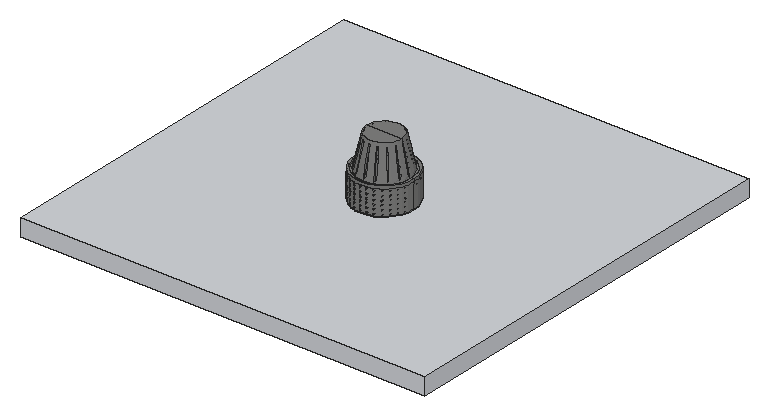
Revit family
Parameters (values of type "8"")
  URL = "WWW.MIFAB.COM"
  Top Diameter = 14.125"
  Roof Drain = Roof Drain
  R1 = 5.000"
  Pipe Radius = 4.000"
  Pipe Diameter = Pipe Radius * 2  # 8.000"
  Model = "R1200-JC"
  Manufacturer = "MIFAB"
  H3 = Body Height / 3.375  # 2.37037"
  H2 = Body Height / 1.99  # 4.0201"
  H1 = Body Height / 1.53  # 5.22876"
  Description = "LARGE SUMP ROOF DRAIN WITH S.S. BALLAST GUARD FOR I.R.MA. ROOFS"
  Default Elevation = 48.000"
  Body Height = 8.000"
Types (7): name | Pipe Radius | Pipe Diameter | H3 | H2 | H1 | Body Height
  (no name) | 4.000" | 8.000" | 2.37037" | 4.0201" | 5.22876" | 8.000"
  4" | 2.000" | 4.000" | 1.81481" | 3.07789" | 4.00327" | 6.125"
  2" | 1.000" | 2.000" | 1.81481" | 3.07789" | 4.00327" | 6.125"
  3" | 1.500" | 3.000" | 1.81481" | 3.07789" | 4.00327" | 6.125"
  5" | 2.500" | 5.000" | 1.81481" | 3.07789" | 4.00327" | 6.125"
  6" | 3.000" | 6.000" | 2.37037" | 4.0201" | 5.22876" | 8.000"
  8" | 4.000" | 8.000" | 2.37037" | 4.0201" | 5.22876" | 8.000"
Reference planes (in)
  plane 1 "Center (Front/Back)": y = 0
  plane 2: z = 0
  plane 3 "Center (Left/Right)": x = 0
  plane 4: x = 4.2
  plane 5: x = 4.25
  plane 6: x = 4.5
  plane 7: x = 5
  plane 8: x = 7.0625
  plane 9: x = 4
  plane 10: z = -8
  plane 11: z = -5.22876
  plane 12: z = -4.0201
  plane 13: z = -0.2
  plane 14: z = 0.2085
  plane 15: z = -2.37037
  plane 16: x = 6
  plane 17: x = -0.25
  plane 18: x = 0.25
  plane 19: z = 0.7085
  plane 20: x = -7.0625
  plane 21: x = 4.2
  plane 22: z = 13.4165
  plane 23: z = 6.6875
  plane 24: x = -4.2
  plane 25: z = 6.125
  plane 26: z = 6.125
  plane 27: z = 14.125
Forms (in)
  Extrusion 1, solid
    sketch origin (0, 0, 0) x (1, 0, 0) y (0, 1, 0)
      loop
        line (-48, 48) -> (-48, -48) -> (48, -48) -> (48, 48) -> (-48, 48)
    from 0 to -4
  Revolve 2, solid, material "Roof Drain" <- "Roof Drain"
    sketch origin (0, 0, 0) x (1, 0, 0) y (0, 0, 1)
      loop
        line (4.2, -8) -> (4.2, -5.22876) -> (4.25, -5.22876) -> (4.5, -0.2) -> (5, -0.2) -> (5, 0) -> (7.0625, 0) -> (7.0625, 0.2085) -> (3.9921, 0.2085) -> (3.9921, 0) -> (4.29725, 0) -> (4.04725, -5.02876) -> (4, -5.02876) -> (4, -8) -> (4.2, -8)
      axis (0, 0.2085) -> (0, -8)
    angle from 0 to 360
  Revolve 3, solid, material "Roof Drain" <- "Roof Drain"
    sketch origin (0, 0, 16.5) x (1, 0, 0) y (0, 0, 1)
      loop
        line (0, -2.375) -> (0, -2.575) -> (3.99277, -2.575) -> (5.83517, -10.55003) -> (6.8625, -10.55003) -> (6.8625, -16.2915) -> (7.0625, -16.2915) -> (7.0625, -10.55003) -> (7.0625, -9.87174) -> (6.54252, -9.87174) -> (6.54252, -10.13424) -> (6.8625, -10.13424) -> (6.8625, -10.375) -> (6.5, -10.375) -> (6.5, -10.1875) -> (5.95668, -10.1875) -> (4.15183, -2.375) -> (0, -2.375)
      axis (0, -16.2915) -> (0, -2.375)
    angle from 0 to 360
  Extrusion 4, void
    sketch origin (0, 0, 16.5) x (1, 0, 0) y (0, 0, 1)
      loop
        line (-0.25, -3.0835) -> (-0.25, -9.8125) -> (0.25, -9.8125) -> (0.25, -3.0835) -> (-0.25, -3.0835)
    from -6.43838 to 6.34689
  Extrusion 5, void
    sketch origin (0, 0, 16.5) x (0.92388, -0.382683, 0) y (0, 0, 1)
      loop
        line (-0.25, -3.0835) -> (-0.25, -9.8125) -> (0.25, -9.8125) -> (0.25, -3.0835) -> (-0.25, -3.0835)
    from -6.43838 to 6.34689
  Extrusion 6, void
    sketch origin (0, 0, 16.5) x (0.92388, 0.382683, 0) y (0, 0, 1)
      loop
        line (-0.25, -3.0835) -> (-0.25, -9.8125) -> (0.25, -9.8125) -> (0.25, -3.0835) -> (-0.25, -3.0835)
    from -6.43838 to 6.34689
  Extrusion 7, void
    sketch origin (0, 0, 16.5) x (0.707107, 0.707107, 0) y (0, 0, 1)
      loop
        line (-0.25, -3.0835) -> (-0.25, -9.8125) -> (0.25, -9.8125) -> (0.25, -3.0835) -> (-0.25, -3.0835)
    from -6.43838 to 6.34689
  Extrusion 8, void
    sketch origin (0, 0, 16.5) x (0.382683, 0.92388, 0) y (0, 0, 1)
      loop
        line (-0.25, -3.0835) -> (-0.25, -9.8125) -> (0.25, -9.8125) -> (0.25, -3.0835) -> (-0.25, -3.0835)
    from -6.43838 to 6.34689
  Extrusion 9, void
    sketch origin (0, 0, 16.5) x (0, 1, 0) y (0, 0, 1)
      loop
        line (-0.25, -3.0835) -> (-0.25, -9.8125) -> (0.25, -9.8125) -> (0.25, -3.0835) -> (-0.25, -3.0835)
    from -6.43838 to 6.34689
  Extrusion 10, void
    sketch origin (0, 0, 16.5) x (-0.382683, 0.92388, 0) y (0, 0, 1)
      loop
        line (-0.25, -3.0835) -> (-0.25, -9.8125) -> (0.25, -9.8125) -> (0.25, -3.0835) -> (-0.25, -3.0835)
    from -6.43838 to 6.34689
  Extrusion 11, void
    sketch origin (0, 0, 16.5) x (-0.707107, 0.707107, 0) y (0, 0, 1)
      loop
        line (-0.25, -3.0835) -> (-0.25, -9.8125) -> (0.25, -9.8125) -> (0.25, -3.0835) -> (-0.25, -3.0835)
    from -6.43838 to 6.34689
  Extrusion 12, void
    sketch origin (0, 0.01165, 0) x (1, 0, 0) y (0, 0, 1)
      loop
        circle (0, 0.56652) r 0.25
      loop
        circle (0, 1.56652) r 0.25
      loop
        circle (0, 2.56652) r 0.25
      loop
        circle (0, 3.56652) r 0.25
      loop
        circle (0, 4.56652) r 0.25
      loop
        circle (0, 5.56652) r 0.25
    from -7.58569 to 7.65609
  Extrusion 13, void
    sketch origin (0.01906, 0.0076, 0) x (0.913545, -0.406737, 0) y (0, 0, 1)
      loop
        circle (0, 0.56652) r 0.25
      loop
        circle (0, 1.56652) r 0.25
      loop
        circle (0, 2.56652) r 0.25
      loop
        circle (0, 3.56652) r 0.25
      loop
        circle (0, 4.56652) r 0.25
      loop
        circle (0, 5.56652) r 0.25
    from -7.58569 to 7.65609
  Extrusion 14, void
    sketch origin (-0.01906, 0.0076, 0) x (0.913545, 0.406737, 0) y (0, 0, 1)
      loop
        circle (0, 0.56652) r 0.25
      loop
        circle (0, 1.56652) r 0.25
      loop
        circle (0, 2.56652) r 0.25
      loop
        circle (0, 3.56652) r 0.25
      loop
        circle (0, 4.56652) r 0.25
      loop
        circle (0, 5.56652) r 0.25
    from -7.58569 to 7.65609
  Extrusion 15, void
    sketch origin (-0.03482, -0.00385, 0) x (0.669131, 0.743145, 0) y (0, 0, 1)
      loop
        circle (0, 0.56652) r 0.25
      loop
        circle (0, 1.56652) r 0.25
      loop
        circle (0, 2.56652) r 0.25
      loop
        circle (0, 3.56652) r 0.25
      loop
        circle (0, 4.56652) r 0.25
      loop
        circle (0, 5.56652) r 0.25
    from -7.58569 to 7.65609
  Extrusion 16, void
    sketch origin (-0.04456, -0.02073, 0) x (0.309017, 0.951057, 0) y (0, 0, 1)
      loop
        circle (0, 0.56652) r 0.25
      loop
        circle (0, 1.56652) r 0.25
      loop
        circle (0, 2.56652) r 0.25
      loop
        circle (0, 3.56652) r 0.25
      loop
        circle (0, 4.56652) r 0.25
      loop
        circle (0, 5.56652) r 0.25
    from -7.58569 to 7.65609
  Extrusion 17, void
    sketch origin (-0.04659, -0.0401, 0) x (-0.104528, 0.994522, 0) y (0, 0, 1)
      loop
        circle (0, 0.56652) r 0.25
      loop
        circle (0, 1.56652) r 0.25
      loop
        circle (0, 2.56652) r 0.25
      loop
        circle (0, 3.56652) r 0.25
      loop
        circle (0, 4.56652) r 0.25
      loop
        circle (0, 5.56652) r 0.25
    from -7.58569 to 7.65609
  Extrusion 18, void
    sketch origin (-0.04057, -0.05863, 0) x (-0.5, 0.866025, 0) y (0, 0, 1)
      loop
        circle (0, 0.56652) r 0.25
      loop
        circle (0, 1.56652) r 0.25
      loop
        circle (0, 2.56652) r 0.25
      loop
        circle (0, 3.56652) r 0.25
      loop
        circle (0, 4.56652) r 0.25
      loop
        circle (0, 5.56652) r 0.25
    from -7.58569 to 7.65609
  Extrusion 19, void
    sketch origin (-0.02754, -0.07311, 0) x (-0.809017, 0.587785, 0) y (0, 0, 1)
      loop
        circle (0, 0.56652) r 0.25
      loop
        circle (0, 1.56652) r 0.25
      loop
        circle (0, 2.56652) r 0.25
      loop
        circle (0, 3.56652) r 0.25
      loop
        circle (0, 4.56652) r 0.25
      loop
        circle (0, 5.56652) r 0.25
    from -7.58569 to 7.65609
  Extrusion 20, void
    sketch origin (-0.00974, -0.08103, 0) x (-0.978148, 0.207912, 0) y (0, 0, 1)
      loop
        circle (0, 0.56652) r 0.25
      loop
        circle (0, 1.56652) r 0.25
      loop
        circle (0, 2.56652) r 0.25
      loop
        circle (0, 3.56652) r 0.25
      loop
        circle (0, 4.56652) r 0.25
      loop
        circle (0, 5.56652) r 0.25
    from -7.58569 to 7.65609
  Extrusion 21, void
    sketch origin (0.00974, -0.08103, 0) x (-0.978148, -0.207912, 0) y (0, 0, 1)
      loop
        circle (0, 0.56652) r 0.25
      loop
        circle (0, 1.56652) r 0.25
      loop
        circle (0, 2.56652) r 0.25
      loop
        circle (0, 3.56652) r 0.25
      loop
        circle (0, 4.56652) r 0.25
      loop
        circle (0, 5.56652) r 0.25
    from -7.58569 to 7.65609
  Extrusion 22, void
    sketch origin (0.02754, -0.07311, 0) x (-0.809017, -0.587785, 0) y (0, 0, 1)
      loop
        circle (0, 0.56652) r 0.25
      loop
        circle (0, 1.56652) r 0.25
      loop
        circle (0, 2.56652) r 0.25
      loop
        circle (0, 3.56652) r 0.25
      loop
        circle (0, 4.56652) r 0.25
      loop
        circle (0, 5.56652) r 0.25
    from -7.58569 to 7.65609
  Extrusion 23, void
    sketch origin (0.04057, -0.05863, 0) x (-0.5, -0.866025, 0) y (0, 0, 1)
      loop
        circle (0, 0.56652) r 0.25
      loop
        circle (0, 1.56652) r 0.25
      loop
        circle (0, 2.56652) r 0.25
      loop
        circle (0, 3.56652) r 0.25
      loop
        circle (0, 4.56652) r 0.25
      loop
        circle (0, 5.56652) r 0.25
    from -7.58569 to 7.65609
  Extrusion 24, void
    sketch origin (0.04659, -0.0401, 0) x (-0.104528, -0.994522, 0) y (0, 0, 1)
      loop
        circle (0, 0.56652) r 0.25
      loop
        circle (0, 1.56652) r 0.25
      loop
        circle (0, 2.56652) r 0.25
      loop
        circle (0, 3.56652) r 0.25
      loop
        circle (0, 4.56652) r 0.25
      loop
        circle (0, 5.56652) r 0.25
    from -7.58569 to 7.65609
  Extrusion 25, void
    sketch origin (0.04456, -0.02073, 0) x (0.309017, -0.951057, 0) y (0, 0, 1)
      loop
        circle (0, 0.56652) r 0.25
      loop
        circle (0, 1.56652) r 0.25
      loop
        circle (0, 2.56652) r 0.25
      loop
        circle (0, 3.56652) r 0.25
      loop
        circle (0, 4.56652) r 0.25
      loop
        circle (0, 5.56652) r 0.25
    from -7.58569 to 7.65609
  Extrusion 26, void
    sketch origin (0.03482, -0.00385, 0) x (0.669131, -0.743145, 0) y (0, 0, 1)
      loop
        circle (0, 0.56652) r 0.25
      loop
        circle (0, 1.56652) r 0.25
      loop
        circle (0, 2.56652) r 0.25
      loop
        circle (0, 3.56652) r 0.25
      loop
        circle (0, 4.56652) r 0.25
      loop
        circle (0, 5.56652) r 0.25
    from -7.58569 to 7.65609
Cuts and joins
  Extrusion 4, Extrusion 5, Extrusion 6, Extrusion 7, Extrusion 8, Extrusion 9, Extrusion 10, Extrusion 11, Extrusion 12, Extrusion 13, Extrusion 14, Extrusion 15, Extrusion 16, Extrusion 17, Extrusion 18, Extrusion 19, Extrusion 20, Extrusion 21, Extrusion 22, Extrusion 23, Extrusion 24, Extrusion 25, Extrusion 26 cuts Revolve 3
Dimensions and locks (in)
  "Pipe Radius": plane 9 to plane 3 "Center (Left/Right)"
  locked: plane 4 to plane 9 at 0.2
  "R1": plane 7 to plane 3 "Center (Left/Right)"
  locked: plane 5 to plane 3 "Center (Left/Right)" at 4.25
  locked: plane 6 to plane 3 "Center (Left/Right)" at 4.5
  "Body Height": level to plane 10
  level to plane 13 = 0.200"
  "H3": level to plane 15
  "H2": Extrusion 1 to plane 12
  "H1": level to plane 11
  locked: plane 16 to plane 3 "Center (Left/Right)" at 6
  locked: Revolve 2 sketch curve to Revolve 2 sketch curve at 0.2
  locked: Revolve 2 sketch curve to Revolve 2 sketch curve at 0.21243
  locked: plane 19 to plane 14 at 0.5
  equal spacing: plane 20, plane 3 "Center (Left/Right)", plane 8
  "Top Diameter": plane 20 to plane 8
  locked: Revolve 3 sketch curve to Revolve 3 sketch curve at 0.2
  plane 24 to plane 21 = 8.400"
  plane 26 to level = 6.125"
  plane 8 to Revolve 3 sketch curve to Revolve 3 sketch curve to Revolve 3 sketch curve = 0.200" locked, 0.31998" locked, 0.04252" locked
  locked: plane 27 to plane 26 at 8
  plane 27 to Revolve 3 sketch curve = 0.200"
  locked: plane 27 to plane 22 at 0.7085
  locked: plane 23 to plane 26 at 0.5625
  aligned and locked: plane 2 to Extrusion 1
  aligned and locked: level to Extrusion 1
  aligned and locked: Revolve 2 sketch curve to plane 10
  aligned and locked: Revolve 2 sketch curve to plane 4
  aligned and locked: Revolve 2 sketch curve to plane 13
  aligned and locked: Revolve 2 sketch curve to plane 7
  aligned and locked: Extrusion 1 to Revolve 2 sketch curve
  aligned and locked: Revolve 2 sketch curve to plane 8
  aligned and locked: Revolve 2 sketch curve to plane 14
  aligned and locked: Revolve 2 sketch curve to plane 3 "Center (Left/Right)"
  aligned and locked: plane 9 to Revolve 2 sketch curve
  aligned and locked: Revolve 2 sketch curve to plane 11
  aligned and locked: plane 26 to plane 25
  aligned and locked: Revolve 3 sketch curve to plane 8
  aligned and locked: Revolve 3 sketch curve to plane 27
  aligned and locked: Revolve 3 sketch curve to Revolve 2
  aligned and locked: Revolve 3 sketch curve to plane 14
Automatic sketch dimensions
  Extrusion 1 sketch curve to Extrusion 1 sketch curve = 96.000"  (x2)
  Extrusion 4 sketch curve to plane 17 = 0.000"
  Extrusion 4 sketch curve to plane 18 = 0.000"
  Extrusion 4 sketch curve to plane 23 = 0.000"
  Extrusion 4 sketch curve to plane 22 = 0.000"
  Extrusion 5 sketch curve to plane 23 = 0.000"
  Extrusion 5 sketch curve to plane 22 = 0.000"
  Extrusion 5 sketch curve to Extrusion 5 sketch curve = 0.500"
  Extrusion 6 sketch curve to plane 23 = 0.000"
  Extrusion 6 sketch curve to plane 22 = 0.000"
  Extrusion 6 sketch curve to Extrusion 6 sketch curve = 0.500"
  Extrusion 7 sketch curve to plane 23 = 0.000"
  Extrusion 7 sketch curve to plane 22 = 0.000"
  Extrusion 7 sketch curve to Extrusion 7 sketch curve = 0.500"
  Extrusion 8 sketch curve to plane 23 = 0.000"
  Extrusion 8 sketch curve to plane 22 = 0.000"
  Extrusion 8 sketch curve to Extrusion 8 sketch curve = 0.500"
  Extrusion 9 sketch curve to plane 23 = 0.000"
  Extrusion 9 sketch curve to plane 22 = 0.000"
  plane 1 "Center (Front/Back)" to Extrusion 9 sketch curve = 0.250"
  Extrusion 9 sketch curve to plane 1 "Center (Front/Back)" = 0.250"
  plane 23 to Extrusion 10 sketch curve = 0.000"
  plane 22 to Extrusion 10 sketch curve = 0.000"
  Extrusion 10 sketch curve to Extrusion 10 sketch curve = 0.500"
  plane 23 to Extrusion 11 sketch curve = 0.000"
  plane 22 to Extrusion 11 sketch curve = 0.000"
  Extrusion 11 sketch curve to Extrusion 11 sketch curve = 0.500"
  Revolve 2 sketch curve to plane 5 = 0.000"
  Revolve 2 sketch curve to plane 6 = 0.000"
  Revolve 2 sketch curve to plane 21 = 0.2079"
  plane 10 to Revolve 2 sketch curve = 5.000"
  Revolve 2 sketch curve to Revolve 2 sketch curve = 11.000"
  Revolve 2 sketch curve to level = 0.000"
  Revolve 3 sketch curve to plane 3 "Center (Left/Right)" = 0.000"  (x2)
  Revolve 3 sketch curve to plane 25 = 0.000"
  Revolve 3 sketch curve to plane 21 = 0.20723"
  Revolve 3 sketch curve to Revolve 3 sketch curve = 0.15906"
  Revolve 3 sketch curve to plane 16 = 0.04332"
  Revolve 3 sketch curve to Revolve 3 sketch curve = 0.05326"
  Revolve 3 sketch curve to plane 23 = 0.05924"
  Revolve 3 sketch curve to Revolve 3 sketch curve = 4.7915"
  Revolve 3 sketch curve to Revolve 3 sketch curve = 1.750"
  Revolve 3 sketch curve to plane 8 = 0.200"
  Revolve 3 sketch curve to plane 25 = 0.17503"
  Revolve 3 sketch curve to plane 16 = 0.16483"
  Extrusion 12 sketch curve to Extrusion 12 sketch curve = 1.000"  (x5)
  Extrusion 12 sketch curve to Extrusion 12 sketch curve = 0.000"  (x5)
  Extrusion 13 sketch curve to Extrusion 13 sketch curve = 1.000"  (x5)
  Extrusion 13 sketch curve to Extrusion 13 sketch curve = 0.000"  (x5)
  Extrusion 14 sketch curve to Extrusion 14 sketch curve = 1.000"  (x5)
  Extrusion 14 sketch curve to Extrusion 14 sketch curve = 0.000"  (x5)
  Extrusion 15 sketch curve to Extrusion 15 sketch curve = 1.000"  (x5)
  Extrusion 15 sketch curve to Extrusion 15 sketch curve = 0.000"  (x5)
  Extrusion 16 sketch curve to Extrusion 16 sketch curve = 1.000"  (x5)
  Extrusion 16 sketch curve to Extrusion 16 sketch curve = 0.000"  (x5)
  Extrusion 17 sketch curve to Extrusion 17 sketch curve = 1.000"  (x5)
  Extrusion 17 sketch curve to Extrusion 17 sketch curve = 0.000"  (x5)
  Extrusion 18 sketch curve to Extrusion 18 sketch curve = 1.000"  (x5)
  Extrusion 18 sketch curve to Extrusion 18 sketch curve = 0.000"  (x5)
  Extrusion 19 sketch curve to Extrusion 19 sketch curve = 1.000"  (x5)
  Extrusion 19 sketch curve to Extrusion 19 sketch curve = 0.000"  (x5)
  Extrusion 20 sketch curve to Extrusion 20 sketch curve = 1.000"  (x5)
  Extrusion 20 sketch curve to Extrusion 20 sketch curve = 0.000"  (x5)
  Extrusion 21 sketch curve to Extrusion 21 sketch curve = 1.000"  (x5)
  Extrusion 21 sketch curve to Extrusion 21 sketch curve = 0.000"  (x5)
  Extrusion 22 sketch curve to Extrusion 22 sketch curve = 1.000"  (x5)
  Extrusion 22 sketch curve to Extrusion 22 sketch curve = 0.000"  (x5)
  Extrusion 23 sketch curve to Extrusion 23 sketch curve = 1.000"  (x5)
  Extrusion 23 sketch curve to Extrusion 23 sketch curve = 0.000"  (x5)
  Extrusion 24 sketch curve to Extrusion 24 sketch curve = 1.000"  (x5)
  Extrusion 24 sketch curve to Extrusion 24 sketch curve = 0.000"  (x5)
  Extrusion 25 sketch curve to Extrusion 25 sketch curve = 1.000"  (x5)
  Extrusion 25 sketch curve to Extrusion 25 sketch curve = 0.000"  (x5)
  Extrusion 26 sketch curve to Extrusion 26 sketch curve = 1.000"  (x5)
  Extrusion 26 sketch curve to Extrusion 26 sketch curve = 0.000"  (x5)
  radius of Extrusion 12 sketch curve = 0.250"  (x6)
  radius of Extrusion 13 sketch curve = 0.250"  (x6)
  radius of Extrusion 14 sketch curve = 0.250"  (x6)
  radius of Extrusion 15 sketch curve = 0.250"  (x6)
  radius of Extrusion 16 sketch curve = 0.250"  (x6)
  radius of Extrusion 17 sketch curve = 0.250"  (x6)
  radius of Extrusion 18 sketch curve = 0.250"  (x6)
  radius of Extrusion 19 sketch curve = 0.250"  (x6)
  radius of Extrusion 20 sketch curve = 0.250"  (x6)
  radius of Extrusion 21 sketch curve = 0.250"  (x6)
  radius of Extrusion 22 sketch curve = 0.250"  (x6)
  radius of Extrusion 23 sketch curve = 0.250"  (x6)
  radius of Extrusion 24 sketch curve = 0.250"  (x6)
  radius of Extrusion 25 sketch curve = 0.250"  (x6)
  radius of Extrusion 26 sketch curve = 0.250"  (x6)
Connectors (in)
  piping at (0, 0, -8), driven by "Pipe Radius"
    settings: on Revolve 2, index 1, connector radius 4", flow factor 0, pipe flow 0 GPM, pressure drop 0.00 psi, fitting loss kfactor 0, connector angle 0.00°, fixture units 0, flow configuration 0, flow direction 2, fitting loss method 0, system type 16, connector reference index -1, connector utility 0, adjustable connector no, is connector primary yes, fitting loss table "", connector description ""
